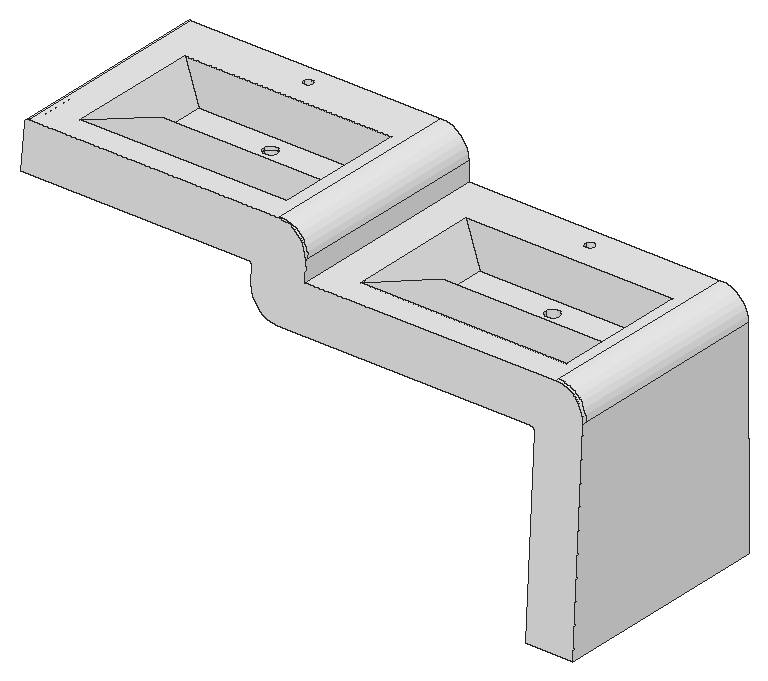
Revit family "Basin-Multi_Station-Sloan-SloanStone-ELWF-Series", category Plumbing Fixtures, Revit 2014 (continued)
Automatic sketch dimensions
  curve 14 to plane 22 = 0"
  curve 3 to plane 15 = 0"
  curve 4 to plane 20 = 0"
  curve 11 to plane 18 = 0"
  curve 12 to plane 16 = 0"
  curve 5 to plane 15 = 0"
  curve 5 to plane 19 = 0"
  curve 23 to plane 6 = 0"
  curve 10 to plane 18 = 0"
  curve 8 to plane 15 = 0"
  curve 9 to plane 17 = 0"
  curve 8 to plane 17 = 0"
  plane 10 to curve 49 = 0.69933"
  plane 10 to curve 51 = 0.24725"
  curve 49 to plane 34 = 0.28934"
  plane 3 "Center (Left/Right)" to curve 23 = 3/8"
  plane 14 to curve 46 = 1.15862"
  plane 5 to curve 51 = 0.44102"
  curve 50 to curve 50 = 0.00588"
  curve 50 to curve 50 = 0.00064"
  curve 1 to plane 21 = 1/2"
  curve 13 to plane 22 = 3/4"
  curve 3 to plane 20 = 1/2"
  curve 11 to curve 11 = 3/4"
  plane 19 to curve 5 = 1/2"
  curve 48 to curve 48 = 0.0424"
  curve 48 to curve 23 = 0.0003"
  curve 48 to curve 48 = 0"
  curve 10 to plane 17 = 3/4"
  curve 8 to plane 17 = 1/2"
  curve 47 to plane 5 = 0.01832"
  curve 47 to curve 46 = 0.0424"
  curve 47 to plane 4 = 0.0003"
  curve 47 to curve 47 = 0"
  curve 23 to curve 48 = 0.12146"
  curve 51 to plane 6 = 0.00357"
  plane 11 to Masking region 1 sketch curve = 1.59473"
  Masking region 1 sketch curve to Masking region 1 sketch curve = 0.00353"
  Masking region 1 sketch curve to Masking region 1 sketch curve = 0.25023"
  plane 5 to Masking region 1 sketch curve = 0.14852"
  plane 5 to Masking region 1 sketch curve = 0.04247"
  Masking region 1 sketch curve to Masking region 1 sketch curve = 0"
  Masking region 1 sketch curve to Masking region 1 sketch curve = 0.00066"
  Masking region 1 sketch curve to plane 34 = 0.61531"
  Masking region 1 sketch curve to Masking region 1 sketch curve = 0.03961"
  Masking region 1 sketch curve to Masking region 1 sketch curve = 0.00707"
  plane 8 to Masking region 1 sketch curve = 0.00005"
  Masking region 1 sketch curve to Masking region 1 sketch curve = 0.03033"
  Masking region 1 sketch curve to plane 5 = 0.1661"
  plane 8 to Masking region 1 sketch curve = 0.49344"
  plane 10 to curve 52 = 0.00377"
  curve 52 to curve 50 = 0.00004"
  radius of Extrusion 13 sketch curve = 3/4"
  radius of Extrusion 14 sketch curve = 3/4"
  radius of Extrusion 16 sketch curve = 1/2"
  radius of Extrusion 17 sketch curve = 1/2"
  radius of Extrusion 18 sketch curve = 1/2"
  radius of Extrusion 19 sketch curve = 1/2"
  radius of Extrusion 20 sketch curve = 3/4"
  radius of Extrusion 32 sketch curve = 1/4"  (x2)
  radius of Extrusion 32 sketch curve = 3/4"
  radius of Extrusion 33 sketch curve = 1/4"  (x2)
  radius of Extrusion 33 sketch curve = 3/4"
  radius of Extrusion 34 sketch curve = 1/4"  (x2)
  radius of Extrusion 34 sketch curve = 3/4"
  radius of Extrusion 35 sketch curve = 1/4"  (x2)
  radius of Extrusion 35 sketch curve = 3/4"
Connectors
  piping at (-1955.393, 282.579, 381), driven by "Diameter Faucet 4", driven by "HWFU", driven by "HW Connection 4"
    settings: on Extrusion 33, index 1, connector diameter 0", connector inside diameter 24", connector length 0", flow factor 0, pipe flow 0 GPM, pressure drop 0.00 psi, fitting loss kfactor 0, connector angle 0.00°, fixture units 1.5, engagement length 0", angle of deflection 0.00°, flow configuration 3, flow direction 1, fitting loss method 0, system type 19, joint type 0, gender type 0, connector reference index -1, connector utility 0, adjustable connector no, is connector primary yes, connector description " "
  piping at (-1853.793, 282.579, 381), driven by "Diameter Faucet 4", driven by "CWFU", driven by "CW Connection 4"
    settings: on Extrusion 33, index 2, connector diameter 0", connector inside diameter 24", connector length 0", flow factor 0, pipe flow 0 GPM, pressure drop 0.00 psi, fitting loss kfactor 0, connector angle 0.00°, fixture units 1.5, engagement length 0", angle of deflection 0.00°, flow configuration 3, flow direction 1, fitting loss method 0, system type 20, joint type 0, gender type 0, connector reference index -1, connector utility 0, adjustable connector no, is connector primary no, connector description " "
  piping at (-1904.593, 282.579, 330.2), driven by "WFU", driven by "Diameter Waste 4", driven by "Description Waste 4"
    settings: on Extrusion 33, index 3, connector diameter 0", connector inside diameter 24", connector length 0", flow factor 0, pipe flow 0 GPM, pressure drop 0.00 psi, fitting loss kfactor 0, connector angle 0.00°, fixture units 2, engagement length 0", angle of deflection 0.00°, flow configuration 3, flow direction 2, fitting loss method 0, system type 16, joint type 0, gender type 0, connector reference index -1, connector utility 0, adjustable connector yes, is connector primary no, connector description " "
  piping at (-1193.515, 282.579, 381), driven by "Diameter Faucet 3", driven by "HWFU", driven by "HW Connection 3"
    settings: on Extrusion 32, index 4, connector diameter 0", connector inside diameter 24", connector length 0", flow factor 0, pipe flow 0 GPM, pressure drop 0.00 psi, fitting loss kfactor 0, connector angle 0.00°, fixture units 1.5, engagement length 0", angle of deflection 0.00°, flow configuration 3, flow direction 1, fitting loss method 0, system type 19, joint type 0, gender type 0, connector reference index -1, connector utility 0, adjustable connector no, is connector primary no, connector description " "
  piping at (-1091.915, 282.579, 381), driven by "Diameter Faucet 3", driven by "CWFU", driven by "CW Connection 3"
    settings: on Extrusion 32, index 5, connector diameter 0", connector inside diameter 24", connector length 0", flow factor 0, pipe flow 0 GPM, pressure drop 0.00 psi, fitting loss kfactor 0, connector angle 0.00°, fixture units 1.5, engagement length 0", angle of deflection 0.00°, flow configuration 3, flow direction 1, fitting loss method 0, system type 20, joint type 0, gender type 0, connector reference index -1, connector utility 0, adjustable connector no, is connector primary no, connector description " "
  piping at (-1142.715, 282.579, 330.2), driven by "WFU", driven by "Diameter Waste 3", driven by "Description Waste 3"
    settings: on Extrusion 32, index 6, connector diameter 0", connector inside diameter 24", connector length 0", flow factor 0, pipe flow 0 GPM, pressure drop 0.00 psi, fitting loss kfactor 0, connector angle 0.00°, fixture units 2, engagement length 0", angle of deflection 0.00°, flow configuration 3, flow direction 2, fitting loss method 0, system type 16, joint type 0, gender type 0, connector reference index -1, connector utility 0, adjustable connector yes, is connector primary no, connector description " "
  piping at (-431.403, 282.579, 381), diameter 12.7, driven by "Diameter Faucet 2", driven by "HWFU", driven by "HW Connection 1"
    settings: on Extrusion 34, index 7, connector inside diameter 24", connector length 0", flow factor 0, pipe flow 0 GPM, pressure drop 0.00 psi, fitting loss kfactor 0, connector angle 0.00°, fixture units 1.5, engagement length 0", angle of deflection 0.00°, flow configuration 3, flow direction 1, fitting loss method 0, system type 19, joint type 0, gender type 0, connector reference index -1, connector utility 0, adjustable connector no, is connector primary no, connector description "1/2'' HW Inlet 1"
  piping at (-329.803, 282.579, 381), diameter 12.7, driven by "Diameter Faucet 2", driven by "CWFU", driven by "CW Connection 1"
    settings: on Extrusion 34, index 8, connector inside diameter 24", connector length 0", flow factor 0, pipe flow 0 GPM, pressure drop 0.00 psi, fitting loss kfactor 0, connector angle 0.00°, fixture units 1.5, engagement length 0", angle of deflection 0.00°, flow configuration 3, flow direction 1, fitting loss method 0, system type 20, joint type 0, gender type 0, connector reference index -1, connector utility 0, adjustable connector no, is connector primary no, connector description "1/2'' CW Inlet 1"
  piping at (-380.603, 282.579, 330.2), diameter 38.1, driven by "WFU", driven by "Diameter Waste 2", driven by "Description Waste 2"
    settings: on Extrusion 34, index 9, connector inside diameter 24", connector length 0", flow factor 0, pipe flow 0 GPM, pressure drop 0.00 psi, fitting loss kfactor 0, connector angle 0.00°, fixture units 2, engagement length 0", angle of deflection 0.00°, flow configuration 3, flow direction 2, fitting loss method 0, system type 16, joint type 0, gender type 0, connector reference index -1, connector utility 0, adjustable connector yes, is connector primary no, connector description "1 1/2'' Waste Connection Outlet"
  piping at (330.2, 282.579, 381), diameter 12.7, driven by "Diameter Faucet 1", driven by "HWFU", driven by "HW Connection 2"
    settings: on Extrusion 35, index 10, connector inside diameter 24", connector length 0", flow factor 0, pipe flow 0 GPM, pressure drop 0.00 psi, fitting loss kfactor 0, connector angle 0.00°, fixture units 1.5, engagement length 0", angle of deflection 0.00°, flow configuration 3, flow direction 1, fitting loss method 0, system type 19, joint type 0, gender type 0, connector reference index -1, connector utility 0, adjustable connector no, is connector primary no, connector description "1/2'' HW Inlet 2"
  piping at (431.8, 282.579, 381), diameter 12.7, driven by "CWFU", driven by "Diameter Faucet 1", driven by "CW Connection 2"
    settings: on Extrusion 35, index 11, connector inside diameter 24", connector length 0", flow factor 0, pipe flow 0 GPM, pressure drop 0.00 psi, fitting loss kfactor 0, connector angle 0.00°, fixture units 1.5, engagement length 0", angle of deflection 0.00°, flow configuration 3, flow direction 1, fitting loss method 0, system type 20, joint type 0, gender type 0, connector reference index -1, connector utility 0, adjustable connector no, is connector primary no, connector description "1/2'' CW Inlet 2"
  piping at (381, 282.579, 330.2), diameter 38.1, driven by "Diameter Waste 1", driven by "WFU", driven by "Description Waste 1"
    settings: on Extrusion 35, index 12, connector inside diameter 24", connector length 0", flow factor 0, pipe flow 0 GPM, pressure drop 0.00 psi, fitting loss kfactor 0, connector angle 0.00°, fixture units 2, engagement length 0", angle of deflection 0.00°, flow configuration 3, flow direction 2, fitting loss method 0, system type 16, joint type 0, gender type 0, connector reference index -1, connector utility 0, adjustable connector yes, is connector primary no, connector description "1 1/2'' Waste Connection Outlet"
Types (4): name | Waste 1 Location | Product Documentation Link | Model | Length | Faucet 4 | Faucet 3 | Diameter Waste 4 | Diameter Waste 3 | Diameter Faucet 4 | Diameter Faucet 3 | Description Waste 4 | Description Waste 3 | HW Connection 4 | HW Connection 3 | CW Connection 4 | CW Connection 3
  (no name) | 30" | "https://specifications.sloan.com/sloan-spec/template/spec-template/fixtureId/29310" | "ELWF-82000" | 60" | no | no | 0" | 0" | 0" | 0" | " " | " " | " " | " " | " " | " "
  ELWF-82000 | 30" | "https://specifications.sloan.com/sloan-spec/template/spec-template/fixtureId/29310" | "ELWF-82000" | 60" | no | no | 0" | 0" | 0" | 0" | " " | " " | " " | " " | " " | " "
  ELWF-83000 | 45" | "https://specifications.sloan.com/sloan-spec/template/spec-template/fixtureId/29311" | "ELWF-83000" | 90" | no | yes | 0" | 1 1/2" | 0" | 1/2" | " " | "1 1/2'' Waste Connection Outlet" | " " | "1/2'' HW Inlet 3" | " " | "1/2'' CW Inlet 3"
  ELWF-84000 | 39.48876" | "https://specifications.sloan.com/sloan-spec/template/spec-template/fixtureId/29311" | "ELWF-83000" | 120" | yes | yes | 1 1/2" | 1 1/2" | 1/2" | 1/2" | "1 1/2'' Waste Connection Outlet" | "1 1/2'' Waste Connection Outlet" | "1/2'' HW Inlet 4" | "1/2'' HW Inlet 3" | "1/2'' CW Inlet 4" | "1/2'' CW Inlet 3"
